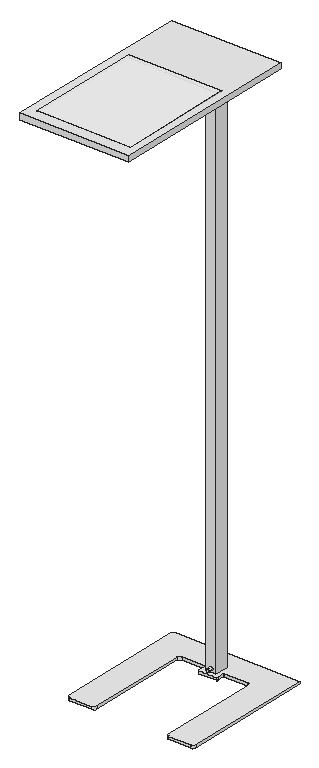
Revit family "0060795 Sylvania Lighting Fixture FREEOFFICE DIRECT INDIRECT 14KLM WHITE UK", category Lighting Fixtures, host Face, Revit 2016
Family settings
  Host = Face
  Part Type = Normal
  Round Connector Dimension = Use Diameter
  OmniClass Number = 23.80.70.11.17
  OmniClass Title = Specialized Lighting by Location or Use
  Cut with Voids When Loaded = No
  Light Source = Yes
  Shared = No
  Room Calculation Point = No
Parameters (values of type "0060795 FREEOFFICE D/I 14 WHITE UK")
  Weight = "22.8 kg"
  Wattage = 107 W
  WarrantyStartDate [instance] = "n/a"
  WarrantyGuarantorParts = "n/a"
  WarrantyDurationUnit = "n/a"
  WarrantyDurationParts = "n/a"
  WarrantyDescription = "n/a"
  built-in parameter 1150110 = 1 (stored number, unit not read)
  Voltage = 230 V
  TypeName = "FREEOFFICE DIRECT/INDIRECT 14KLM WHITE UK"
  built-in parameter 1114217 = 1 (stored number, unit not read)
  Tilt Angle = -90°
  built-in parameter 1150109 = 1 (stored number, unit not read)
  built-in parameter 1150134 = 12
  built-in parameter 1150113 = 1 (stored number, unit not read)
  SerialNumber [instance] = "n/a"
  Radius_FEILO = 165.0 mm
  URL = "http://www.sylvania-lighting.com"
  PowerFactor = 0.98
  PowerConsumption = "107 W"
  Photometric Web File = "0060795.ies"
  PIR_SYL = no
  NominalWidth = 0.0 mm
  NominalLength = 690.0 mm
  NominalHeight = 2030.0 mm
  Name = "FREEOFFICE DIRECT/INDIRECT 14KLM WHITE UK"
  ModelReference = "FREEOFFICE DIRECT/INDIRECT 14KLM WHITE UK"
  ModelNumber = "0060795"
  Material_3_SYL = Body-Sylvania-FreeOffice-BLK
  Material_2_SYL = Polycarbonate_Sylvania_Sylcircle_Opal
  Material_1_SYL = Body-Sylvania-FreeOffice-WH
  Material = "head and pole : powder coated aluminium. stand: powder coated steel housing, pmma diffuser"
  ManufacturerName = "Feilo Sylvania"
  LuminousEfficacy = "132 lm/W"
  built-in parameter 1150105 = 4275.8 (stored number, unit not read)
  Lumens = 14124 lm
  LuminaireType = ""
  built-in parameter 1150115 = 1 (stored number, unit not read)
  LightOutputRatio = "n/a"
  built-in parameter 1150137 = (empty or 0)
  built-in parameter 1150139 = (empty or 0)
  LampsType = Lamp  # "LED"
  LampNominalLuminous = "14100 lm"
  LampMacAdamStep = "3"
  LampColourTemperature = "4000 K"
  LampColourRenderingIndex = "80"
  built-in parameter 1150112 = 1 (stored number, unit not read)
  built-in parameter 1150114 = 1 (stored number, unit not read)
  Keynote = "16500"
  InstallationDate [instance] = "n/a"
  InputVoltage = "220-240V~"
  InputNominalFrequency = "50/60 Hz"
  built-in parameter 1150132 = (empty or 0)
  built-in parameter 1150102 = (empty or 0)
  built-in parameter 1150107 = 4000 (stored number, unit not read)
  built-in parameter 1150138 = (empty or 0)
  IngressProtection = "IP20"
  ImpactProtectionIndex = "IK02"
  built-in parameter 1150106 = 42.758 (stored number, unit not read)
  IfcExportType = "IfcLightFixtureType"
  IfcExportAs = "IfcLightFixtureType"
  Height_FEILO = 96.0 mm
  ExpectedLife = 50000
  Emit from Rectangle Width = 340.1 mm
  Emit from Rectangle Length = 564.6 mm
  Emit Shape Visible in Rendering = no
  ElectricShockClassification = "Class I"
  built-in parameter 1150104 = 12.263 (stored number, unit not read)
  DurationUnit = "hours"
  DocumentationLiterature = "http://www.sylvania-lighting.com/product/en-int/products/0060795"
  DimmingControlOptions = "Dimmable"
  Dimming Lamp Color Temperature Shift = <None>
  Diameter_FEILO = 2 * Radius_FEILO  # 330.0 mm
  CreatedOn = "12/5/2018"
  CreatedBy = "@sylvania-lighting.com"
  Color Filter = 16777215
  built-in parameter 1114216 [instance] = 1 (stored number, unit not read)
  Model = "FREEOFFICE DIRECT/INDIRECT 14KLM WHITE UK"
  Manufacturer = "Feilo Sylvania"
  Lamp = "LED"
  Description = "FREEOFFICE DIRECT/INDIRECT 14KLM WHITE UK is a highly efficient free-standing floor lamp providing optimal illumination for single and twin workstations. 80% uplight and 20% downlight ratio for ambient and task lighting from a single luminaire. Microprismatic PMMA optics for advanced glare control. White RAL9010 powder coated luminaire body. Aluminium head and pole for high-quality appearance, steel stand for higher stability. Luminaire dimensions: Head: 690x397x25mm, Stand: 480x460x16mm, Pole: 55x35x2030mm. Operated and dimmed with a push button located in the pole at a height suitable to be used with adjustable height desks. Up and downlight dims together. 4000K Neutral White LED, CRI>80, chromaticity tolerance: SDCM<3. Luminous flux: 14100lm. Power consumption 107W. Luminaire efficacy: 132lm/W. Lumen maintenance: L80B50=55000h. UGR<16, Luminance at 65°<3000 cd/m2. IK02, IP20. Photobiological safety risk group 0. Electrical protection: Class I. Glow wire test: 650°C. Supplied with 3m cable with BS 1363 plug."
  Default Elevation = 0.0 mm
  built-in parameter 1140040 [instance] = 1
  BarCode [instance] = "n/a"
  built-in parameter 1114218 = 1 (stored number, unit not read)
  built-in parameter 1150133 = 10 (stored number, unit not read)
  AssetType = "Fixed"
  AssetIdentifier [instance] = "n/a"
  Assembly Code = "D5020200"
  Apparent Load = 107 VA
Reference planes
  plane 1 "Center (Front/Back)": y = 0
  plane 2: z = 0
  plane 3 "Center (Left/Right)": x = 0
  plane 4: z = 2030
  plane 5: x = 230
  plane 6: x = -230
  plane 7: x = 18
  plane 8: x = -18
  plane 9: x = -198.5
  plane 10: x = 198.5
  plane 11: y = 25
  plane 12: y = -25
  plane 13: y = -390.174
  plane 14: y = 89.826
  plane 15: y = -645
  plane 16: y = 44
  plane 17: z = 9
  plane 18: z = 2010
  plane 19: y = -187.327
  plane 20: y = -603.8
  plane 21: x = -170.03
  plane 22: x = 170.03
  plane 23: y = -39.174
  plane 24: z = 2020
  plane 25: x = 130
  plane 26: x = -130
  plane 27: y = -10.174
  plane 28: x = 34
  plane 29: x = -34
  plane 30: y = -39.174
  plane 31: y = -321.487
  plane 32: z = 21
  plane 33: y = -624.4
  plane 34: z = 2009
Forms (mm)
  Extrusion 1, solid, material "Body-Sylvania-FreeOffice-WH" <- "Material_1_SYL"
    sketch origin (-1380.213, -4572, 2010) x (-1, 0, 0) y (0, -1, 0)
      loop
        line (-1181.713, -3927) -> (-1578.713, -3927) -> (-1578.713, -4616) -> (-1181.713, -4616) -> (-1181.713, -3927)
    from 0 to 20
  Extrusion 2, void
    sketch origin (-1380.213, -4572, 2030) x (0, -1, 0) y (-1, 0, 0)
      loop
        line (-4384.673, -1210.183) -> (-4384.673, -1550.243) -> (-3968.2, -1550.243) -> (-3968.2, -1210.183) -> (-4384.673, -1210.183)
    from 0 to 20
  Extrusion 3, void
    sketch origin (-1380.213, -4572, 2010) x (0, -1, 0) y (-1, 0, 0)
      loop
        line (-3968.2, -1210.183) -> (-4532.826, -1210.183) -> (-4532.826, -1550.243) -> (-3968.2, -1550.243) -> (-3968.2, -1210.183)
    from 0 to -10
  Extrusion 4, solid, material "Body-Sylvania-FreeOffice-WH" <- "Material_1_SYL"
    sketch origin (0, 0, 0) x (1, 0, 0) y (0, 1, 0)
      loop
        line (-230, 79.826) -> (-230, -380.174)
        arc (-230, -380.174) -> (-227.071, -387.245) -> (-220, -390.174) r 10
        line (-220, -390.174) -> (-140, -390.174)
        arc (-140, -390.174) -> (-132.929, -387.245) -> (-130, -380.174) r 10
        line (-130, -380.174) -> (-130, -20.174)
        arc (-130, -20.174) -> (-127.071, -13.103) -> (-120, -10.174) r 10
        line (-120, -10.174) -> (-36, -10.174)
        arc (-36, -10.174) -> (-34.586, -10.76) -> (-34, -12.174) r 2
        line (-34, -12.174) -> (-34, -37.174)
        arc (-34, -37.174) -> (-33.414, -38.588) -> (-32, -39.174) r 2
        line (-32, -39.174) -> (32, -39.174)
        arc (32, -39.174) -> (33.414, -38.588) -> (34, -37.174) r 2
        line (34, -37.174) -> (34, -12.174)
        arc (34, -12.174) -> (34.586, -10.76) -> (36, -10.174) r 2
        line (36, -10.174) -> (120, -10.174)
        arc (120, -10.174) -> (127.071, -13.103) -> (130, -20.174) r 10
        line (130, -20.174) -> (130, -380.174)
        arc (130, -380.174) -> (132.929, -387.245) -> (140, -390.174) r 10
        line (140, -390.174) -> (220, -390.174)
        arc (220, -390.174) -> (227.071, -387.245) -> (230, -380.174) r 10
        line (230, -380.174) -> (230, 89.826) -> (-220, 89.826)
        arc (-220, 89.826) -> (-227.071, 86.897) -> (-230, 79.826) r 10
    from 0 to 9
  Extrusion 5, solid, material "Body-Sylvania-FreeOffice-WH" <- "Material_1_SYL"
    sketch origin (645.563, -4597, 9) x (0, -1, 0) y (-1, 0, 0)
      loop
        line (-4622, 663.563) -> (-4622, 627.563) -> (-4572, 627.563) -> (-4572, 663.563) -> (-4622, 663.563)
    from 0 to -2001
  Extrusion 6, solid, material "Body-Sylvania-FreeOffice-WH" <- "Material_1_SYL"
    sketch origin (747.1, -25, 1219.2) x (1, 0, 0) y (0, 0, 1)
      loop
        circle (-747.1, -1198.2) r 5
    from 0 to 14.174
  Extrusion 7, solid, material "Polycarbonate_Sylvania_Sylcircle_Opal" <- "Material_2_SYL"
    sketch origin (-1380.213, -4572, 2030) x (-1, 0, 0) y (0, -1, 0)
      loop
        line (-1550.243, -3968.2) -> (-1550.243, -4384.673) -> (-1210.183, -4384.673) -> (-1210.183, -3968.2) -> (-1550.243, -3968.2)
    from 0 to -10
  Extrusion 8, solid, material "Polycarbonate_Sylvania_Sylcircle_Opal" <- "Material_2_SYL"
    sketch origin (-1380.213, -4572, 2010) x (-1, 0, 0) y (0, -1, 0)
      loop
        line (-1210.183, -4532.826) -> (-1210.183, -3968.2) -> (-1550.243, -3968.2) -> (-1550.243, -4532.826) -> (-1210.183, -4532.826)
    from 0 to 10
  Revolve 9, solid, material "Body-Sylvania-FreeOffice-BLK" <- "Material_3_SYL", visible <- "PIR_SYL"
    sketch origin (747.1, -624.4, 1219.2) x (1, 0, 0) y (0, 0, 1)
      loop
        line (-757.1, 789.8) -> (-754.426, 789.8)
        arc (-754.426, 789.8) -> (-751.007, 787.781) -> (-747.1, 787.079) r 11.221
        line (-747.1, 787.079) -> (-747.1, 790.8) -> (-757.1, 790.8) -> (-757.1, 789.8)
      axis (-747.1, 790.8) -> (-747.1, 787.079)
    angle from 0 to 360
Cuts and joins
  Extrusion 2, Extrusion 3 cuts Extrusion 1
Lines and regions (mm)
  reference lines
    curve 1: circle (0, 0, 21) r 5 normal (0, -1, 0)
    curve 2: circle (0, -624.4, 2010) r 10 normal (0, 0, 1)
Dimensions and locks
  equal spacing: plane 12, plane 1 "Center (Front/Back)", plane 11
  locked: plane 12 to plane 11 at 50
  equal spacing: plane 8, plane 3 "Center (Left/Right)", plane 7
  plane 8 to plane 7 = 36.0 mm
  equal spacing: plane 9, plane 3 "Center (Left/Right)", plane 10
  plane 9 to plane 10 = 397.0 mm
  equal spacing: plane 6, plane 3 "Center (Left/Right)", plane 5
  locked: plane 6 to plane 5 at 460
  locked: plane 4 to plane 2 at 2030
  locked: plane 13 to plane 1 "Center (Front/Back)" at 390.174
  locked: plane 13 to plane 14 at 480
  locked: plane 15 to plane 1 "Center (Front/Back)" at 645
  locked: plane 15 to plane 16 at 689
  locked: plane 17 to plane 2 at 9
  locked: plane 4 to plane 18 at 20
  locked: plane 19 to plane 1 "Center (Front/Back)" at 187.327
  locked: plane 20 to plane 19 at 416.473
  equal spacing: plane 21, plane 3 "Center (Left/Right)", plane 22
  plane 21 to plane 22 = 340.059 mm
  locked: plane 20 to plane 23 at 564.626
  equal spacing: plane 4, plane 24, plane 18
  equal spacing: plane 26, plane 3 "Center (Left/Right)", plane 25
  locked: plane 26 to plane 25 at 260
  locked: plane 27 to plane 14 at 100
  equal spacing: plane 29, plane 3 "Center (Left/Right)", plane 28
  locked: plane 29 to plane 28 at 68
  locked: plane 30 to plane 27 at 29
  equal spacing: plane 20, plane 31, plane 23
  locked: plane 32 to host face at 21
  equal spacing: plane 15, plane 33, plane 20
  locked: Revolve 9 sketch curve to plane 18 at 7.5
  locked: plane 18 to plane 34 at 1
  radius of curve 2 = 10.0 mm
  aligned and locked: plane 2 to host face
  aligned and locked: level to host face
  aligned and locked: plane 15 to Extrusion 1 sketch curve
  aligned and locked: Extrusion 1 sketch curve to plane 9
  aligned and locked: Extrusion 1 sketch curve to plane 16
  aligned and locked: plane 10 to Extrusion 1 sketch curve
  aligned and locked: plane 4 to Extrusion 1
  aligned and locked: Extrusion 1 to plane 18
  aligned and locked: Extrusion 2 sketch curve to plane 19
  aligned and locked: plane 20 to Extrusion 2 sketch curve
  aligned and locked: Extrusion 2 to plane 18
  aligned and locked: plane 4 to Extrusion 2
  aligned and locked: plane 21 to Extrusion 2 sketch curve
  aligned and locked: plane 22 to Extrusion 2 sketch curve
  aligned and locked: Extrusion 3 sketch curve to cut or joined group of Extrusion 1, Extrusion 2, Extrusion 3  (x2)
  aligned and locked: plane 23 to Extrusion 3 sketch curve
  aligned and locked: plane 22 to Extrusion 3 sketch curve
  aligned and locked: Extrusion 3 to plane 18
  aligned and locked: plane 24 to Extrusion 3
  aligned and locked: Extrusion 4 sketch curve to plane 14
  aligned and locked: Extrusion 4 sketch curve to plane 6
  aligned and locked: plane 13 to Extrusion 4 sketch curve  (x2)
  aligned and locked: Extrusion 4 sketch curve to plane 26
  aligned and locked: Extrusion 4 sketch curve to plane 25
  aligned and locked: plane 5 to Extrusion 4 sketch curve
  aligned and locked: plane 29 to Extrusion 4 sketch curve
  aligned and locked: plane 30 to Extrusion 4 sketch curve
  aligned and locked: Extrusion 4 sketch curve to plane 28
  aligned and locked: Extrusion 4 sketch curve to plane 27
  aligned and locked: Extrusion 4 to plane 17
  aligned and locked: Extrusion 4 to level
  aligned and locked: Extrusion 5 sketch curve to plane 8
  aligned and locked: plane 7 to Extrusion 5 sketch curve
  aligned and locked: plane 18 to Extrusion 5
  aligned and locked: plane 11 to Extrusion 5 sketch curve
  aligned and locked: Extrusion 5 sketch curve to plane 12
  aligned and locked: plane 24 to imposter light
  aligned and locked: imposter light to plane 3 "Center (Left/Right)"
  aligned and locked: imposter light to plane 31
  aligned and locked: Extrusion 6 sketch curve to curve 1
  aligned and locked: Extrusion 6 to plane 12
  aligned and locked: Extrusion 6 to cut or joined group of Extrusion 1, Extrusion 2, Extrusion 3
  aligned and locked: Extrusion 7 sketch curve to cut or joined group of Extrusion 1, Extrusion 2, Extrusion 3  (x4)
  aligned and locked: Extrusion 7 to plane 4
  aligned and locked: Extrusion 7 to cut or joined group of Extrusion 1, Extrusion 2, Extrusion 3
  aligned and locked: Extrusion 8 sketch curve to cut or joined group of Extrusion 1, Extrusion 2, Extrusion 3  (x4)
  aligned and locked: Extrusion 8 to cut or joined group of Extrusion 1, Extrusion 2, Extrusion 3
  aligned and locked: Extrusion 8 to plane 18
  aligned and locked: plane 3 "Center (Left/Right)" to curve 2
  aligned and locked: plane 33 to curve 2
  aligned and locked: plane 3 "Center (Left/Right)" to Revolve 9 sketch curve  (x2)
  aligned and locked: Revolve 9 sketch curve to plane 3 "Center (Left/Right)"
  aligned and locked: Revolve 9 sketch curve to plane 34
Automatic sketch dimensions
  host sketch curve to host sketch curve = 1305.563 mm
  host sketch curve to host sketch curve = 1283.632 mm
  plane 27 to Extrusion 4 sketch curve = 0.0 mm
  plane 6 to Extrusion 4 sketch curve = 10.0 mm  (x2)
  Extrusion 4 sketch curve to plane 13 = 10.0 mm
  Extrusion 4 sketch curve to plane 26 = 10.0 mm
  Extrusion 4 sketch curve to Extrusion 4 sketch curve = 2.0 mm
  plane 29 to Extrusion 4 sketch curve = 2.0 mm
  Extrusion 4 sketch curve to plane 28 = 2.0 mm
  plane 28 to Extrusion 4 sketch curve = 2.0 mm
  Extrusion 4 sketch curve to plane 25 = 10.0 mm
  Extrusion 4 sketch curve to Extrusion 4 sketch curve = 10.0 mm
  Extrusion 4 sketch curve to plane 5 = 10.0 mm
  curve 1 to plane 3 "Center (Left/Right)" = 0.0 mm
  curve 1 to plane 32 = 0.0 mm
  Revolve 9 sketch curve to plane 18 = 0.0 mm
  Revolve 9 sketch curve to plane 3 "Center (Left/Right)" = 7.326 mm
  Revolve 9 sketch curve to Revolve 9 sketch curve = 2.674 mm
  Revolve 9 sketch curve to level = 94.652 mm
  plane 4 to Revolve 9 sketch curve = 432.257 mm
  radius of curve 1 = 5.0 mm
Connectors
  electrical at (0, -39.174, 21), driven by "PowerFactor", driven by "Voltage", driven by "Apparent Load", driven by "Apparent Load"
    settings: on Extrusion 6, index 1, voltage 230 V, apparent load 107 VA, apparent load phase1 107 VA, apparent load phase2 0 VA, apparent load phase3 0 VA, power factor 0.98, load classification "Other", number of poles 1, system type 30, power factor state 1, is connector primary yes, connector utility no, sub classification motor no, connector description ""
